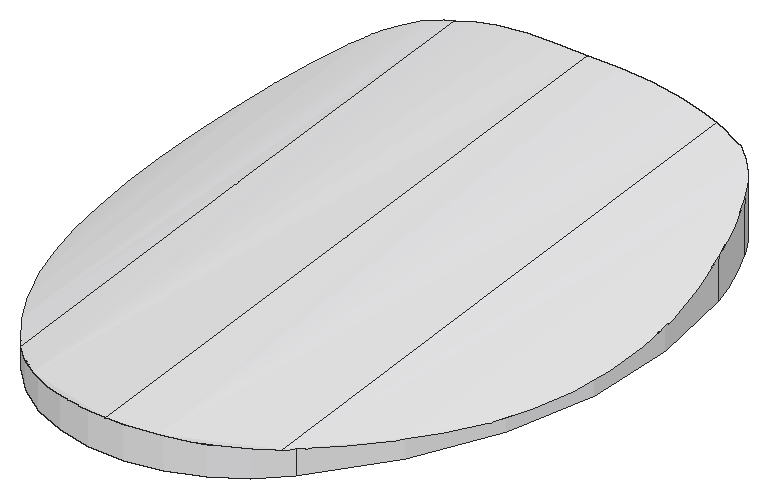
Revit family "Toilet_Seat-Elongated_Closed_Front-KOHLER-PureWarmth_Quiet-Close-K-10349_1", category Specialty Equipment, host Face, Revit 2017
Family settings
  Host = Face
  Round Connector Dimension = Use Diameter
  Part Type = Normal
  OmniClass Number = 23.31.25.00
  OmniClass Title = Toilet and Bath Specialties
  Cut with Voids When Loaded = No
  Shared = No
  Room Calculation Point = No
Parameters (values of type "0-White")
  Width = 14 7/8"  # constant formula
  WaterSense Certified = 1 = 0  # no
  Voltage = 120 V  # constant formula
  URL = "https://www.us.kohler.com/us/"
  Type = 1
  Seat Mounting Holes = 5 1/2"  # constant formula
  Product Page URL = "http://www.us.kohler.com/us/catalog/productDetails.jsp?productId=10349"
  Product Name = "PureWarmth Quiet-Close"  # constant formula
  Product Documentation Link = "https://www.us.kohler.com/webassets/kpna/catalog/pdf/en/K-10349_spec_US-CA_Kohler_en.pdf"
  Model = if(Type = 1, "K-10349-0", if(Type = 2, "K-10349-96", "NA"))  # "K-10349-0"
  Material = "Plastic"  # constant formula
  Master Format 2014 Name = "Toilet, Bath, and Laundry Accessories"  # constant formula
  Master Format 2014 = "10 28 00"  # constant formula
  Manufacturer Address = "444 Highland Dr, Kohler, WI 53044"  # constant formula
  Manufacturer = "KOHLER Co."  # constant formula
  Length = 18 3/4"  # constant formula
  Height = 1 3/16"  # constant formula
  Finish = Kohler-Plastic-0-White
  Environmental Product Declaration = ""
  Electrical Note = "One Dedicated Circuit Required, Protected With Class A Ground-Fault Circuit-Interrupter (GFCI). Outside North America,\r\nThis Device May Be Known As a Residual Current Device (RCD)."  # constant formula
  Electrical Connector = 1 = 1  # yes
  Description = "Heated elongated toilet seat with LED nightlight"  # constant formula
  Default Elevation = 0"
  Declare Label = ""
  Date Modified = "08/07/2020"  # constant formula
  Date Created = "08/07/2020"  # constant formula
  Copyright = "Copyright KOHLER Co."  # constant formula
  Contact Us = "https://www.us.kohler.com/us/static/contact.jsp"
  Assembly Code = "C1030200"
  Apparent Load = 120 V * 0.6 A  # 72 VA
  ADA Compliant = 1 = 0  # no
Types (3): name | Type | Model | Finish
  (no name) | 1 | "K-10349-0" | Kohler-Plastic-0-White
  0-White | 1 | "K-10349-0" | Kohler-Plastic-0-White
  96-Biscuit | 2 | "K-10349-96" | Kohler-Plastic-96-Biscuit
Reference planes (in)
  plane 1 "Center (Front/Back)": y = 0
  plane 2: z = 0
  plane 3 "Center (Left/Right)": x = 0
  plane 4: x = -7.4375
  plane 5: x = 7.4375
  plane 6: y = 10.2824092
  plane 7: y = 9.0702964
  plane 8: y = 8.7577964
  plane 9: y = -9.6797036
  plane 10: x = -2.75
  plane 11: x = 2.75
  plane 12: x = -4
  plane 13: x = 4
  plane 14: y = 5.2577964
  plane 15: y = -6.5547036
  plane 16: z = 3.0292569
  plane 17: z = 1.1875
  plane 18: z = 0.2102631
  plane 19: x = -0.44
  plane 20: y = 8.5388482
Dimensions and locks (in)
  "Seat Mounting Holes": plane 10 to plane 11
  plane 15 to plane 14 = 11 13/16"
  plane 8 to plane 9 = 18 7/16"
  "Length": plane 7 to plane 9
  plane 12 to plane 13 = 8"
  "Width": plane 4 to plane 5
  "Height": plane 17 to level
  aligned and locked: plane 2 to host face
  aligned and locked: level to host face
  aligned and locked: plane 3 "Center (Left/Right)" to nested 1
  aligned and locked: plane 1 "Center (Front/Back)" to nested 1
Automatic sketch dimensions
  host sketch curve to host sketch curve = 96"  (x2)
Nested families (in)
  nested 1: "K-10349" at (0, 0, 0), type "K-10349"
  nested 2: "Light_Point_Source" at (0, 8.5324092, 1.25), type "Light_Point_Source"
Connectors (in)
  electrical at (-0.44, 8.5388482, 1.3633071), driven by "Voltage", driven by "Apparent Load", driven by "Electrical Connector", driven by "Electrical Note"
    settings: on nested 1, index 1, voltage 120 V, apparent load 72 VA, apparent load phase1 0 VA, apparent load phase2 0 VA, apparent load phase3 0 VA, power factor 1, load classification "Power", number of poles 1, system type 30, power factor state 1, is connector primary yes, connector utility yes, sub classification motor no, connector description "One Dedicated Circuit Required, Protected With Class A Ground-Fault Circuit-Interrupter (GFCI). Outside North America,\r\nThis Device May Be Known As a Residual Current Device (RCD)."
Definition of nested family "K-10349"
  Parameters (values of type "K-10349")
    Material = none
  Reference planes (in)
    plane 1 "Center (Front/Back)": y = 0
    plane 2: z = 0
    plane 3 "Center (Left/Right)": x = 0
    plane 4: x = -7.4375
    plane 5: x = 7.4375
    plane 6: y = -9.6797036
    plane 7: y = 9.0702964
    plane 8: y = 8.7577964
    plane 9: x = -2.75
    plane 10: x = 2.75
    plane 11: x = -4
    plane 12: x = 4
    plane 13: z = 1.1875
    plane 14: y = 5.2577964
    plane 15: y = -6.5547036
    plane 16: y = 10.2824092
    plane 17: z = 3.0292569
    plane 18: x = -0.44
    plane 19: y = 8.5388482
    plane 20: y = 8.1589213
  Forms (in)
    Extrusion 1, solid, material <- "Material", detail levels medium+fine
      sketch origin (0, 0, 0) x (1, 0, 0) y (0, 1, 0)
        loop
          line (-9.3682758, -10.2564035) -> (9.3682758, -10.2564035) -> (9.3682758, 9.0702964) -> (-9.3682758, 9.0702964) -> (-9.3682758, -10.2564035)
      from 0 to 3.8403093
    Sweep 2, void
      path origin (0, 0, 0) x (0, 1, 0) y (0, 0, 1)
        loop
          arc (9.8989181, 3.1489409) -> (-0.5564952, 2.1197513) -> (-11.0077477, 1.0491348) r 2650.9953565
      profile origin (0, 9.8989181, 3.1489409) x (0, 0.09599, -0.995382) y (1, 0, 0)
        loop
          arc (0.4042582, 4) -> (1.3636039, 6.9731217) -> (2.9523132, 9.6630658) r 14.1418428
          line (2.9523132, 9.6630658) -> (-3.1108469, 9.6630658) -> (-3.1108469, -9.6630658) -> (2.9523132, -9.6630658)
          arc (2.9523132, -9.6630658) -> (1.3636039, -6.9731217) -> (0.4042582, -4) r 14.1418428
          arc (0.4042582, -4) -> (0.1013213, -2.0101881) -> (0, 0) r 19.9914635
          arc (0, 0) -> (0.1013213, 2.0101881) -> (0.4042582, 4) r 19.9914635
    Sweep 3, void
      path origin (0, 0, 0) x (1, 0, 0) y (0, 1, 0)
        loop
          arc (-6.0323668, 7.1600985) -> (-6.4281249, 6.2195468) -> (-6.760408, 5.2547413) r 15.3237291
          arc (-6.760408, 5.2547413) -> (-7.1110553, -1.5413255) -> (-4.1995126, -7.69213) r 13.9260114
          arc (-4.1995126, -7.69213) -> (0, -9.6739462) -> (4.1995126, -7.69213) r 5.4403385
          arc (4.1995126, -7.69213) -> (7.1110553, -1.5413255) -> (6.760408, 5.2547413) r 13.9260114
          arc (6.760408, 5.2547413) -> (6.4281249, 6.2195468) -> (6.0323668, 7.1600985) r 15.3237291
          arc (6.0323668, 7.1600985) -> (5.2087083, 8.2038506) -> (4, 8.7577964) r 2.8374483
          arc (4, 8.7577964) -> (0, 9.1454798) -> (-4, 8.7577964) r 20.8292346
          arc (-4, 8.7577964) -> (-5.2087083, 8.2038506) -> (-6.0323668, 7.1600985) r 2.8374483
      profile origin (-4, 8.7577964, 0) x (0.192038, -0.981388, 0) y (0, 0, 1)
        loop
          line (0, 3.3083597) -> (-5, 3.3083597) -> (-5, -1.4416403) -> (0, -1.4416403) -> (0, 3.3083597)
    Extrusion 4, void
      sketch origin (0, 0, 0) x (0, 1, 0) y (0, 0, 1)
        loop
          line (-10.0589437, 0.2102631) -> (-10.0589437, -0.2323485) -> (9.6910563, -0.2323485) -> (9.1376234, 3.2244052) -> (8.6708332, 3.0452212)
          arc (8.6708332, 3.0452212) -> (8.7570495, 2.9559397) -> (8.7548822, 2.831844) r 0.1621636
          arc (8.7548822, 2.831844) -> (8.6424001, 2.6397962) -> (8.4875958, 2.4798894) r 0.9320935
          arc (8.4875958, 2.4798894) -> (8.4352124, 2.4133124) -> (8.4165422, 2.3306811) r 0.192191
          line (8.4165422, 2.3306811) -> (8.4165422, 2.1040879)
          arc (8.4165422, 2.1040879) -> (8.4228069, 2.0800242) -> (8.4400106, 2.0620702) r 0.0493483
          arc (8.4400106, 2.0620702) -> (8.5399754, 1.9460963) -> (8.5547572, 1.7937008) r 0.2530462
          arc (8.5547572, 1.7937008) -> (8.1958823, 1.0506973) -> (7.5351476, 0.5564555) r 1.7406052
          arc (7.5351476, 0.5564555) -> (6.7051105, 0.2976954) -> (5.8400822, 0.2102631) r 4.3228798
          line (5.8400822, 0.2102631) -> (-10.0589437, 0.2102631)
      from -9.0199186 to 9.4338732
    Sweep 5, solid, material <- "Material", detail levels medium+fine
      path origin (0, 0, 0) x (1, 0, 0) y (0, 1, 0)
        loop
          arc (1.5242094, 4.5887376) -> (0.7736846, 4.7882711) -> (0, 4.8554527) r 4.4885933
          arc (0, 4.8554527) -> (-0.7736846, 4.7882711) -> (-1.5242094, 4.5887376) r 4.4885933
          arc (-1.5242094, 4.5887376) -> (-2.4934609, 3.9676127) -> (-3.099115, 2.9886195) r 2.5976563
          arc (-3.099115, 2.9886195) -> (-3.5338431, -1.0821346) -> (-2.1608802, -4.9389468) r 9.2072526
          arc (-2.1608802, -4.9389468) -> (0, -6.1259135) -> (2.1608802, -4.9389468) r 2.5604311
          arc (2.1608802, -4.9389468) -> (3.5338431, -1.0821346) -> (3.099115, 2.9886195) r 9.2072526
          arc (3.099115, 2.9886195) -> (2.4934609, 3.9676127) -> (1.5242094, 4.5887376) r 2.5976563
      profile origin (0, 4.8554527, 0) x (0, -1, 0) y (0, 0, 1)
        loop
          arc (-0.4186558, 0.2143767) -> (-0.3448848, 0.1601786) -> (-0.2798479, 0.0957597) r 0.6232797
          arc (-0.2798479, 0.0957597) -> (-0.2514337, 0.0692264) -> (-0.2181953, 0.0490622) r 0.1891593
          arc (-0.2181953, 0.0490622) -> (-0.1118216, 0.0124168) -> (0, 0) r 0.5097228
          arc (0, 0) -> (0.1118216, 0.0124168) -> (0.2181953, 0.0490622) r 0.5097228
          arc (0.2181953, 0.0490622) -> (0.2514337, 0.0692264) -> (0.2798479, 0.0957597) r 0.1891593
          arc (0.2798479, 0.0957597) -> (0.3448848, 0.1601786) -> (0.4186558, 0.2143767) r 0.6232797
          line (0.4186558, 0.2143767) -> (-0.4186558, 0.2143767)
    Extrusion 6, solid, material <- "Material", detail levels medium+fine
      sketch origin (0, 0, 0) x (1, 0, 0) y (0, 1, 0)
        loop
          line (-6.0414591, 3.2288986) -> (-5.3382913, 3.0389109)
          arc (-5.3382913, 3.0389109) -> (-4.8889192, 3.2971056) -> (-5.1471127, 3.7464784) r 0.36647
          line (-5.1471127, 3.7464784) -> (-5.8502795, 3.93647)
          arc (-5.8502795, 3.93647) -> (-6.299656, 3.6782744) -> (-6.0414591, 3.2288986) r 0.366472
        loop
          arc (6.0414591, 3.2288986) -> (6.299656, 3.6782744) -> (5.8502795, 3.93647) r 0.366472
          line (5.8502795, 3.93647) -> (5.1471127, 3.7464784)
          arc (5.1471127, 3.7464784) -> (4.8889192, 3.2971056) -> (5.3382913, 3.0389109) r 0.36647
          line (5.3382913, 3.0389109) -> (6.0414591, 3.2288986)
        loop
          arc (3.7061271, -5.2758515) -> (3.2785111, -5.3635343) -> (3.366194, -5.7911504) r 0.3086614
          line (3.366194, -5.7911504) -> (3.9741678, -6.1922194)
          arc (3.9741678, -6.1922194) -> (4.4017838, -6.1045366) -> (4.3141009, -5.6769205) r 0.3086614
          line (4.3141009, -5.6769205) -> (3.7061271, -5.2758515)
        loop
          line (-3.7347439, -5.2324717) -> (-4.3427178, -5.6335408)
          arc (-4.3427178, -5.6335408) -> (-4.4377821, -6.0971551) -> (-3.9741678, -6.1922195) r 0.3346457
          line (-3.9741678, -6.1922195) -> (-3.3661939, -5.7911503)
          arc (-3.3661939, -5.7911503) -> (-3.2711296, -5.327536) -> (-3.7347439, -5.2324717) r 0.3346457
      from 0 to 0.5002877
    Extrusion 7, solid, material <- "Material", detail levels medium+fine
      sketch origin (0, 0, 0) x (0, 1, 0) y (0, 0, 1)
        loop
          arc (7.4288213, 0.0378046) -> (7.4390514, 0.0111541) -> (7.4653287, 0) r 0.0365297
          line (7.4653287, 0) -> (10.2475031, 0)
          arc (10.2475031, 0) -> (10.2768787, 0.0121677) -> (10.2890464, 0.0415433) r 0.0415433
          line (10.2890464, 0.0415433) -> (10.2890464, 0.4745131)
          arc (10.2890464, 0.4745131) -> (10.2712734, 0.5427762) -> (10.2224675, 0.5937047) r 0.1399797
          arc (10.2224675, 0.5937047) -> (9.8999666, 0.7525044) -> (9.5533886, 0.8479395) r 1.9063882
          arc (9.5533886, 0.8479395) -> (9.1507901, 0.9115493) -> (8.7462044, 0.9609681) r 11.5937237
          arc (8.7462044, 0.9609681) -> (8.5983344, 1.0362063) -> (8.5388482, 1.1910859) r 0.2313671
          line (8.5388482, 1.1910859) -> (8.5388482, 1.7259535)
          arc (8.5388482, 1.7259535) -> (8.0284877, 2.2511811) -> (7.4888257, 1.7561085) r 0.5254442
          line (7.4888257, 1.7561085) -> (7.4288213, 0.0378046)
      from -3.5983459 to 3.5231555
    Extrusion 8, void
      sketch origin (0, 0, 0) x (1, 0, 0) y (0, 0, 1)
        loop
          arc (2.1104339, 2.6893799) -> (1.0562983, 2.7610424) -> (0, 2.7849462) r 23.3506124
          arc (0, 2.7849462) -> (-1.0562983, 2.7610424) -> (-2.1104339, 2.6893799) r 23.3506124
          arc (-2.1104339, 2.6893799) -> (-2.9880755, 2.5850758) -> (-3.8585685, 2.4321831) r 15.9052898
          arc (-3.8585685, 2.4321831) -> (-3.9851769, 2.3806332) -> (-4.0845742, 2.2867861) r 0.3715562
          line (-4.0845742, 2.2867861) -> (4.0845742, 2.2867861)
          arc (4.0845742, 2.2867861) -> (3.9851769, 2.3806332) -> (3.8585685, 2.4321831) r 0.3715562
          arc (3.8585685, 2.4321831) -> (2.9880755, 2.5850758) -> (2.1104339, 2.6893799) r 15.9052898
      from -9.1056847 to -8.0051181
    Extrusion 9, void
      sketch origin (0, 0, 0) x (1, 0, 0) y (0, 1, 0)
        loop
          arc (4.068411, 7.4767315) -> (4.1022776, 7.367159) -> (4.1920645, 7.295805) r 0.1941903
          arc (4.1920645, 7.295805) -> (5.1826307, 6.6804067) -> (5.8851776, 5.7496196) r 3.1840232
          arc (5.8851776, 5.7496196) -> (6.5603527, 4.0691951) -> (6.9579643, 2.3023921) r 11.2822869
          arc (6.9579643, 2.3023921) -> (7.051504, 1.3231442) -> (7.0551163, 0.3394455) r 10.747474
          arc (7.0551163, 0.3394455) -> (6.9458582, -0.757703) -> (6.7121862, -1.8352325) r 9.6519209
          arc (6.7121862, -1.8352325) -> (6.1199389, -3.5927396) -> (5.3405896, -5.2756546) r 17.0764593
          arc (5.3405896, -5.2756546) -> (4.5830421, -6.4873445) -> (3.6622434, -7.5801392) r 10.1113686
          arc (3.6622434, -7.5801392) -> (0, -9.1282656) -> (-3.6622434, -7.5801392) r 5.1057596
          arc (-3.6622434, -7.5801392) -> (-4.5830421, -6.4873445) -> (-5.3405896, -5.2756546) r 10.1113686
          arc (-5.3405896, -5.2756546) -> (-6.1199389, -3.5927396) -> (-6.7121862, -1.8352325) r 17.0764593
          arc (-6.7121862, -1.8352325) -> (-6.9458582, -0.757703) -> (-7.0551163, 0.3394455) r 9.6519209
          arc (-7.0551163, 0.3394455) -> (-7.051504, 1.3231442) -> (-6.9579643, 2.3023921) r 10.747474
          arc (-6.9579643, 2.3023921) -> (-6.5603527, 4.0691951) -> (-5.8851776, 5.7496196) r 11.2822869
          arc (-5.8851776, 5.7496196) -> (-5.1826307, 6.6804067) -> (-4.1920645, 7.295805) r 3.1840232
          arc (-4.1920645, 7.295805) -> (-4.1022776, 7.367159) -> (-4.068411, 7.4767315) r 0.1941903
          line (-4.068411, 7.4767315) -> (-4.068411, 8.1353914)
          arc (-4.068411, 8.1353914) -> (-4.1889546, 8.3492629) -> (-4.4343392, 8.3568878) r 0.25
          arc (-4.4343392, 8.3568878) -> (-5.4898541, 7.5265271) -> (-6.1750784, 6.3715041) r 3.6624218
          arc (-6.1750784, 6.3715041) -> (-6.4486964, 5.5842447) -> (-6.6960969, 4.788357) r 25.1675363
          arc (-6.6960969, 4.788357) -> (-7.1387152, 2.4763885) -> (-7.1336112, 0.1224379) r 12.322163
          arc (-7.1336112, 0.1224379) -> (-6.0691392, -4.0528422) -> (-3.8051384, -7.7189525) r 14.2473887
          arc (-3.8051384, -7.7189525) -> (0, -9.3274843) -> (3.8051384, -7.7189525) r 5.3049784
          arc (3.8051384, -7.7189525) -> (6.0691392, -4.0528422) -> (7.1336112, 0.1224379) r 14.2473887
          arc (7.1336112, 0.1224379) -> (7.1387152, 2.4763885) -> (6.6960969, 4.788357) r 12.322163
          arc (6.6960969, 4.788357) -> (6.4486964, 5.5842447) -> (6.1750784, 6.3715041) r 25.1675363
          arc (6.1750784, 6.3715041) -> (5.4898541, 7.5265271) -> (4.4343392, 8.3568878) r 3.6624218
          arc (4.4343392, 8.3568878) -> (4.1889546, 8.3492629) -> (4.068411, 8.1353914) r 0.25
          line (4.068411, 8.1353914) -> (4.068411, 7.4767315)
      from 0 to 0.5708661
    Extrusion 10, solid, material <- "Material", detail levels medium+fine
      sketch origin (0, 0, 0) x (1, 0, 0) y (0, 0, 1)
        loop
          line (0.44, 1.6933071) -> (-0.44, 1.6933071)
          arc (-0.44, 1.6933071) -> (-0.77, 1.3633071) -> (-0.44, 1.0333071) r 0.33
          line (-0.44, 1.0333071) -> (0.44, 1.0333071)
          arc (0.44, 1.0333071) -> (0.77, 1.3633071) -> (0.44, 1.6933071) r 0.33
        loop
          circle (-0.44, 1.3633071) r 0.25
        loop
          circle (0.44, 1.3633071) r 0.25
      from -8.5388482 to -8.1589213
    Extrusion 11, solid, material <- "Material", detail levels coarse
      sketch origin (0, 0, 0) x (0, 1, 0) y (0, 0, 1)
        loop
          arc (8.7577964, 3.039743) -> (-1.2450017, 2.0592222) -> (-11.2422036, 1.0231979) r 1810.8408646
          line (-11.2422036, 1.0231979) -> (-11.2422036, 0) -> (8.7577964, 0) -> (8.7577964, 3.039743)
      from -8.7062722 to 8.514831
    Extrusion 12, void
      sketch origin (0, 0, 0) x (1, 0, 0) y (0, 1, 0)
        loop
          arc (-6.0323668, 7.1600985) -> (-6.4281249, 6.2195468) -> (-6.760408, 5.2547413) r 15.3237291
          arc (-6.760408, 5.2547413) -> (-7.2301873, 3.2745586) -> (-7.4375, 1.25) r 15.5595309
          arc (-7.4375, 1.25) -> (-6.1729564, -4.5578058) -> (-2.2699782, -9.0407109) r 11.9664038
          arc (-2.2699782, -9.0407109) -> (0, -9.7472023) -> (2.2699782, -9.0407109) r 4
          arc (2.2699782, -9.0407109) -> (6.1729564, -4.5578058) -> (7.4375, 1.25) r 11.9664038
          arc (7.4375, 1.25) -> (7.2301873, 3.2745586) -> (6.760408, 5.2547413) r 15.5595309
          arc (6.760408, 5.2547413) -> (6.4281249, 6.2195468) -> (6.0323668, 7.1600985) r 15.3237291
          arc (6.0323668, 7.1600985) -> (5.3488647, 8.0861623) -> (4.3537538, 8.6645424) r 2.8374483
          arc (4.3537538, 8.6645424) -> (4.1249445, 8.7255147) -> (3.8903614, 8.7577964) r 1.9159369
          line (3.8903614, 8.7577964) -> (-3.6035497, 8.7577964)
          arc (-3.6035497, 8.7577964) -> (-3.9832968, 8.748538) -> (-4.3537538, 8.6645424) r 1.9159369
          arc (-4.3537538, 8.6645424) -> (-5.3488647, 8.0861623) -> (-6.0323668, 7.1600985) r 2.8374483
        loop
          line (11, 11.8916997) -> (-11, 11.8916997) -> (-11, -13.1083003) -> (11, -13.1083003) -> (11, 11.8916997)
      from -0.8610434 to 3.9460571
    Extrusion 13, solid, material <- "Material", detail levels coarse
      sketch origin (0, 0, 0) x (0, 1, 0) y (0, 0, 1)
        loop
          line (8.3827964, 1.1875) -> (8.3827964, 0) -> (10.2824092, 0) -> (10.2824092, 1.1875) -> (8.3827964, 1.1875)
      from -3.5983459 to 3.5983459
  Cuts and joins
    Sweep 2, Sweep 3, Extrusion 4, Extrusion 8, Extrusion 9 cuts Extrusion 1
    Extrusion 8, Extrusion 9 cuts Extrusion 6
    joined: Extrusion 1, Extrusion 6
    Extrusion 12 cuts Extrusion 11
  Lines and regions (in)
    Masking region 1
      outline origin (0, 0, 0) x (0, 1, 0) y (0, 0, 1)
        loop
          arc (8.7402416, 2.7998401) -> (8.7572154, 2.9002248) -> (8.7252636, 2.9968906) r 0.2112468
          arc (8.7252636, 2.9968906) -> (8.6945111, 3.0230363) -> (8.6547388, 3.0299265) r 0.0766254
          arc (8.6547388, 3.0299265) -> (-0.4838856, 2.135801) -> (-9.6178587, 1.1953478) r 1810.8408646
          arc (-9.6178587, 1.1953478) -> (-9.6643149, 1.1701053) -> (-9.6793259, 1.1194098) r 0.0690969
          line (-9.6793259, 1.1194098) -> (-9.5944887, 0.3122374)
          arc (-9.5944887, 0.3122374) -> (-9.5574338, 0.2395132) -> (-9.4812347, 0.2102631) r 0.1138778
          line (-9.4812347, 0.2102631) -> (-6.5547036, 0.2102631)
          arc (-6.5547036, 0.2102631) -> (-6.4811125, 0.1531151) -> (-6.4134687, 0.0890381) r 0.9507464
          arc (-6.4134687, 0.0890381) -> (-6.3895423, 0.0677864) -> (-6.3624986, 0.0506765) r 0.1975558
          arc (-6.3624986, 0.0506765) -> (-6.262704, 0.0128557) -> (-6.15676, 0) r 0.442971
          line (-6.15676, 0) -> (4.8567977, 0)
          arc (4.8567977, 0) -> (4.9627416, 0.0128557) -> (5.0625363, 0.0506765) r 0.442971
          arc (5.0625363, 0.0506765) -> (5.08958, 0.0677864) -> (5.1135064, 0.0890381) r 0.1975558
          arc (5.1135064, 0.0890381) -> (5.1811502, 0.1531151) -> (5.2547413, 0.2102631) r 0.9507464
          line (5.2547413, 0.2102631) -> (5.8400822, 0.2102631)
          arc (5.8400822, 0.2102631) -> (6.6576149, 0.2882719) -> (7.4456418, 0.5194827) r 4.3228798
          line (7.4456418, 0.5194827) -> (7.4287645, 0.0361796)
          arc (7.4287645, 0.0361796) -> (7.438555, 0.0106746) -> (7.4637028, 0) r 0.0349596
          line (7.4637028, 0) -> (10.2537494, 0)
          arc (10.2537494, 0) -> (10.2740149, 0.0083943) -> (10.2824092, 0.0286598) r 0.0286598
          line (10.2824092, 0.0286598) -> (10.2824092, 0.4986063)
          arc (10.2824092, 0.4986063) -> (10.2693672, 0.5490507) -> (10.2335098, 0.5868526) r 0.1040767
          arc (10.2335098, 0.5868526) -> (9.9060367, 0.750186) -> (9.5533886, 0.8479395) r 1.9063882
          arc (9.5533886, 0.8479395) -> (9.1507901, 0.9115493) -> (8.7462044, 0.9609681) r 11.5937237
          arc (8.7462044, 0.9609681) -> (8.5983344, 1.0362063) -> (8.5388482, 1.1910859) r 0.2313671
          line (8.5388482, 1.1910859) -> (8.5388482, 1.7259535)
          arc (8.5388482, 1.7259535) -> (8.5471413, 1.7597476) -> (8.5547572, 1.7937008) r 1.7406052
          arc (8.5547572, 1.7937008) -> (8.5385474, 1.9493719) -> (8.4338735, 2.0657317) r 0.2530462
          spline (8.4338735, 2.0657317) -> (8.4318814, 2.0673501) -> (8.4299538, 2.0692782) -> (8.4281026, 2.0715041) -> (8.426339, 2.0740141) -> (8.4246739, 2.0767928) -> (8.4231175, 2.0798233) -> (8.4216793, 2.083087) -> (8.4203681, 2.0865637) -> (8.4191921, 2.0902323) -> (8.4181583, 2.0940702) -> (8.4172732, 2.0980539) -> (8.4165422, 2.1021589)
          line (8.4165422, 2.1021589) -> (8.4165422, 2.3306811)
          arc (8.4165422, 2.3306811) -> (8.4352124, 2.4133124) -> (8.4875958, 2.4798894) r 0.192191
          arc (8.4875958, 2.4798894) -> (8.6316253, 2.6258829) -> (8.7402416, 2.7998401) r 0.9320935
    Masking region 2
      outline origin (0, 0, 0) x (1, 0, 0) y (0, 1, 0)
        loop
          line (-3.5983459, 9.7990772) -> (-3.5983459, 8.7899899)
          arc (-3.5983459, 8.7899899) -> (-3.6273214, 8.7119462) -> (-3.7002071, 8.6717208) r 0.1195906
          line (-3.7002071, 8.6717208) -> (-4, 8.6267798)
          spline (-4, 8.6267798) -> (-4.0264464, 8.6222386) -> (-4.0528501, 8.6175085) -> (-4.0792095, 8.6125899) -> (-4.1055235, 8.6074829) -> (-4.1317905, 8.6021878) -> (-4.1580092, 8.596705) -> (-4.1841783, 8.5910346) -> (-4.2102964, 8.585177) -> (-4.2363621, 8.5791325) -> (-4.2623742, 8.5729014) -> (-4.2883312, 8.5664841) -> (-4.3142319, 8.5598807)
          line (-4.3142319, 8.5598807) -> (-4.6212883, 8.5598807)
          arc (-4.6212883, 8.5598807) -> (-5.4534024, 7.9875859) -> (-6.0323668, 7.1600985) r 2.8374483
          arc (-6.0323668, 7.1600985) -> (-6.4281249, 6.2195468) -> (-6.760408, 5.2547413) r 15.3237291
          arc (-6.760408, 5.2547413) -> (-7.2301873, 3.2745586) -> (-7.4375, 1.25) r 15.5595309
          arc (-7.4375, 1.25) -> (-7.1149642, -1.9809997) -> (-5.9356842, -5.0063404) r 11.9664038
          arc (-5.9356842, -5.0063404) -> (-4.7921017, -6.9120722) -> (-3.2997241, -8.5590098) r 11.3732119
          arc (-3.2997241, -8.5590098) -> (-1.7424217, -9.3918855) -> (0, -9.6797036) r 5.4181321
          arc (0, -9.6797036) -> (1.7424217, -9.3918855) -> (3.2997241, -8.5590098) r 5.4181321
          arc (3.2997241, -8.5590098) -> (4.7921017, -6.9120722) -> (5.9356842, -5.0063404) r 11.3732119
          arc (5.9356842, -5.0063404) -> (7.1149642, -1.9809997) -> (7.4375, 1.25) r 11.9664038
          arc (7.4375, 1.25) -> (7.2301873, 3.2745586) -> (6.760408, 5.2547413) r 15.5595309
          arc (6.760408, 5.2547413) -> (6.4281249, 6.2195468) -> (6.0323668, 7.1600985) r 15.3237291
          arc (6.0323668, 7.1600985) -> (5.4534024, 7.9875859) -> (4.6212883, 8.5598807) r 2.8374483
          line (4.6212883, 8.5598807) -> (4.3142319, 8.5598807)
          spline (4.3142319, 8.5598807) -> (4.2883312, 8.5664841) -> (4.2623742, 8.5729014) -> (4.2363621, 8.5791325) -> (4.2102964, 8.585177) -> (4.1841783, 8.5910346) -> (4.1580092, 8.596705) -> (4.1317905, 8.6021878) -> (4.1055235, 8.6074829) -> (4.0792095, 8.6125899) -> (4.0528501, 8.6175085) -> (4.0264464, 8.6222386) -> (4, 8.6267798)
          line (4, 8.6267798) -> (3.7002071, 8.6717208)
          arc (3.7002071, 8.6717208) -> (3.6273214, 8.7119462) -> (3.5983459, 8.7899899) r 0.1195906
          line (3.5983459, 8.7899899) -> (3.5983459, 9.7990772)
          arc (3.5983459, 9.7990772) -> (3.5168934, 10.0108216) -> (3.3145328, 10.1133906) r 0.3159523
          arc (3.3145328, 10.1133906) -> (1.6594197, 10.2401271) -> (0, 10.2824092) r 32.5842613
          arc (0, 10.2824092) -> (-1.6594197, 10.2401271) -> (-3.3145328, 10.1133906) r 32.5842613
          arc (-3.3145328, 10.1133906) -> (-3.5168934, 10.0108216) -> (-3.5983459, 9.7990772) r 0.3159523
    Masking region 3
      outline origin (0, 0, 0) x (1, 0, 0) y (0, 0, 1)
        loop
          arc (-1.306998, 2.9885457) -> (-2.287008, 2.902014) -> (-3.2612531, 2.7650687) r 19.0749982
          arc (-3.2612531, 2.7650687) -> (-4.2437593, 2.560724) -> (-5.2070084, 2.2792521) r 12.6684169
          arc (-5.2070084, 2.2792521) -> (-6.3032979, 1.8216999) -> (-7.3232246, 1.2126397) r 8.3176322
          arc (-7.3232246, 1.2126397) -> (-7.4072166, 1.1170192) -> (-7.4375, 0.9934035) r 0.2674388
          line (-7.4375, 0.9934035) -> (-7.4375, 0.2426553)
          arc (-7.4375, 0.2426553) -> (-7.4280126, 0.2197506) -> (-7.4051078, 0.2102631) r 0.0323922
          line (-7.4051078, 0.2102631) -> (-6.3569699, 0.2102631)
          arc (-6.3569699, 0.2102631) -> (-6.3203609, 0.1950992) -> (-6.305197, 0.1584902) r 0.0517729
          line (-6.305197, 0.1584902) -> (-6.305197, 0.0602842)
          arc (-6.305197, 0.0602842) -> (-6.2875401, 0.0176568) -> (-6.2449128, 0) r 0.0602842
          line (-6.2449128, 0) -> (-4.9299142, 0)
          arc (-4.9299142, 0) -> (-4.8884821, 0.0171617) -> (-4.8713204, 0.0585938) r 0.0585938
          line (-4.8713204, 0.0585938) -> (-4.8713204, 0.1614504)
          arc (-4.8713204, 0.1614504) -> (-4.8570235, 0.1959662) -> (-4.8225077, 0.2102631) r 0.0488127
          line (-4.8225077, 0.2102631) -> (-4.5490085, 0.2102631)
          arc (-4.5490085, 0.2102631) -> (-4.5148733, 0.1961238) -> (-4.500734, 0.1619886) r 0.0482746
          line (-4.500734, 0.1619886) -> (-4.500734, 0.0585938)
          arc (-4.500734, 0.0585938) -> (-4.4835722, 0.0171617) -> (-4.4421402, 0) r 0.0585938
          line (-4.4421402, 0) -> (4.4421402, 0)
          arc (4.4421402, 0) -> (4.4835722, 0.0171617) -> (4.500734, 0.0585938) r 0.0585938
          line (4.500734, 0.0585938) -> (4.500734, 0.1619886)
          arc (4.500734, 0.1619886) -> (4.5148733, 0.1961238) -> (4.5490085, 0.2102631) r 0.0482746
          line (4.5490085, 0.2102631) -> (4.8225077, 0.2102631)
          arc (4.8225077, 0.2102631) -> (4.8570235, 0.1959662) -> (4.8713204, 0.1614504) r 0.0488127
          line (4.8713204, 0.1614504) -> (4.8713204, 0.0585938)
          arc (4.8713204, 0.0585938) -> (4.8884821, 0.0171617) -> (4.9299142, 0) r 0.0585938
          line (4.9299142, 0) -> (6.2449128, 0)
          arc (6.2449128, 0) -> (6.2875401, 0.0176568) -> (6.305197, 0.0602842) r 0.0602842
          line (6.305197, 0.0602842) -> (6.305197, 0.1584902)
          arc (6.305197, 0.1584902) -> (6.3203609, 0.1950992) -> (6.3569699, 0.2102631) r 0.0517729
          line (6.3569699, 0.2102631) -> (7.4051078, 0.2102631)
          arc (7.4051078, 0.2102631) -> (7.4280126, 0.2197506) -> (7.4375, 0.2426553) r 0.0323922
          line (7.4375, 0.2426553) -> (7.4375, 0.9934035)
          arc (7.4375, 0.9934035) -> (7.4072166, 1.1170192) -> (7.3232246, 1.2126397) r 0.2674388
          arc (7.3232246, 1.2126397) -> (6.3032979, 1.8216999) -> (5.2070084, 2.2792521) r 8.3176322
          arc (5.2070084, 2.2792521) -> (4.2437593, 2.560724) -> (3.2612531, 2.7650687) r 12.6684169
          arc (3.2612531, 2.7650687) -> (2.287008, 2.902014) -> (1.306998, 2.9885457) r 19.0749982
          arc (1.306998, 2.9885457) -> (0.6538159, 3.0190766) -> (0, 3.0292569) r 21.0003635
          arc (0, 3.0292569) -> (-0.6538159, 3.0190766) -> (-1.306998, 2.9885457) r 21.0003635
    symbolic lines, detail levels medium+fine
      curve 1: line (0, 5.6693221, 0.2102631) -> (0, -7.1849471, 0.2102631)
      curve 2: line (0, 3.9648693, 0.0431702) -> (0, 4.0115581, 0.1714466)
      curve 3: line (0, 3.9032158, 0) -> (0, 3.0262249, 0)
      curve 4: arc (0, 3.9032158, 0) -> (0, 3.9408483, 0.0118655) -> (0, 3.9648693, 0.0431702) r 0.0656102
      curve 5: arc (0, 4.0115581, 0.1714466) -> (0, 4.0277492, 0.1958769) -> (0, 4.0532841, 0.2102631) r 0.0626173
      curve 6: line (0, 2.9645715, 0.0431702) -> (0, 2.9178827, 0.1714466)
      curve 7: arc (0, 3.0262249, 0) -> (0, 2.9885924, 0.0118655) -> (0, 2.9645715, 0.0431702) r 0.0656102
      curve 8: arc (0, 2.9178827, 0.1714466) -> (0, 2.9016915, 0.1958769) -> (0, 2.8761567, 0.2102631) r 0.0626173
      curve 9: line (0, -4.9088132, 0.0431702) -> (0, -4.8621244, 0.1714466)
      curve 10: line (0, -4.9704666, 0) -> (0, -5.8474576, 0)
      curve 11: arc (0, -4.9704666, 0) -> (0, -4.9328342, 0.0118655) -> (0, -4.9088132, 0.0431702) r 0.0656102
      curve 12: arc (0, -4.8621244, 0.1714466) -> (0, -4.8459332, 0.1958769) -> (0, -4.8203984, 0.2102631) r 0.0626173
      curve 13: line (0, -5.909111, 0.0431702) -> (0, -5.9557998, 0.1714466)
      curve 14: arc (0, -5.8474576, 0) -> (0, -5.88509, 0.0118655) -> (0, -5.909111, 0.0431702) r 0.0656102
      curve 15: arc (0, -5.9557998, 0.1714466) -> (0, -5.9719909, 0.1958769) -> (0, -5.9975258, 0.2102631) r 0.0626173
      curve 16: line (0, -9.6433103, 1.1875) -> (0, 0, 1.1875)
      curve 17: arc (0, 0, 1.1875) -> (0, 4.3556552, 1.5838919) -> (0, 8.5681991, 2.7600437) r 24.1287193
      curve 18: arc (0, 8.5547572, 1.7937008) -> (0, 8.1774699, 1.0287259) -> (0, 7.4820451, 0.5348469) r 1.7406052
      curve 19: arc (0, 7.4820451, 0.5348469) -> (0, 7.4637306, 0.5274322) -> (0, 7.4456418, 0.5194827) r 0.6725117
      curve 20: arc (0, 8.5388482, 1.7259535) -> (0, 8.5129499, 1.9183515) -> (0, 8.4194433, 2.0884817) r 0.529464
      curve 21: arc (0, 8.5681991, 2.7600437) -> (0, 8.6837478, 2.8485822) -> (0, 8.7316613, 2.9860408) r 0.2538621
      curve 22: line (0, 9.7448394, 0.8039547) -> (0, 9.7448394, 0)
      curve 23: arc (0, 8.7577964, 0) -> (-1.8506041, 8.7362746, 0) -> (-3.7002071, 8.6717208, 0) r 79.5750585
      curve 24: arc (0, 8.7577964, 0) -> (1.8506041, 8.7362746, 0) -> (3.7002071, 8.6717208, 0) r 79.5750585
      curve 25: arc (-4.3142319, 8.5598807, 0) -> (-4.5937285, 8.4744884, 0) -> (-4.8818925, 8.425788, 0) r 2.2654214
      curve 26: arc (4.3142319, 8.5598807, 0) -> (4.5939333, 8.4754594, 0) -> (4.8818242, 8.4256728, 0) r 2.3984403
      curve 27: arc (-1.9133114, 0, 1.1348566) -> (-0.9570178, 0, 1.1743367) -> (0, 0, 1.1875) r 34.7957457
      curve 28: arc (-4, 0, 0.96328) -> (-2.957815, 0, 1.0631674) -> (-1.9133114, 0, 1.1348566) r 38.7415049
      curve 29: line (-4, 0, 0.96328) -> (-4.1995126, 0, 0.9444438)
      curve 30: arc (-4.1995126, 0, 0.9444438) -> (-5.5229147, 0, 0.7676999) -> (-6.8475399, 0, 0.6003681) r 187.8199064
      curve 31: arc (1.9133114, 0, 1.1348566) -> (0.9570178, 0, 1.1743367) -> (0, 0, 1.1875) r 34.7957457
      curve 32: arc (4, 0, 0.96328) -> (2.957815, 0, 1.0631674) -> (1.9133114, 0, 1.1348566) r 38.7415049
      curve 33: line (4, 0, 0.96328) -> (4.1995126, 0, 0.9444438)
      curve 34: arc (4.1995126, 0, 0.9444438) -> (5.5229147, 0, 0.7676999) -> (6.8475399, 0, 0.6003681) r 187.8199064
      curve 35: line (-6.3569699, 0, 0.2102631) -> (-4.8225077, 0, 0.2102631)
      curve 36: line (-4.5490085, 0, 0.2102631) -> (4.5490085, 0, 0.2102631)
      curve 37: line (4.8225077, 0, 0.2102631) -> (6.3629768, 0, 0.2102631)
      curve 38: arc (-6.8475399, 0, 0.6003681) -> (-7.2153464, 0, 0.6875708) -> (-7.4375, 0, 0.9934035) r 0.5439026
      curve 39: arc (6.8475399, 0, 0.6003681) -> (7.2153464, 0, 0.6875708) -> (7.4375, 0, 0.9934035) r 0.5439026
      curve 40: line (0, -5.2150162, 0.0431702) -> (0, -5.1683274, 0.1714466)
      curve 41: arc (0, -5.2766696, 0) -> (0, -5.2390372, 0.0118655) -> (0, -5.2150162, 0.0431702) r 0.0656102
      curve 42: arc (0, -5.1683274, 0.1714466) -> (0, -5.1521362, 0.1958769) -> (0, -5.1266014, 0.2102631) r 0.0626173
      curve 43: line (-3.2150704, 0, 0.1614504) -> (-3.2150704, 0, 0.0585938)
      curve 44: arc (-3.2736642, 0, 0) -> (-3.2322321, 0, 0.0171617) -> (-3.2150704, 0, 0.0585938) r 0.0585938
      curve 45: arc (-3.1662577, 0, 0.2102631) -> (-3.2007735, 0, 0.1959662) -> (-3.2150704, 0, 0.1614504) r 0.0488127
      curve 46: line (3.2150704, 0, 0.1614504) -> (3.2150704, 0, 0.0585938)
      curve 47: arc (3.2736642, 0, 0) -> (3.2322321, 0, 0.0171617) -> (3.2150704, 0, 0.0585938) r 0.0585938
      curve 48: arc (3.1662577, 0, 0.2102631) -> (3.2007735, 0, 0.1959662) -> (3.2150704, 0, 0.1614504) r 0.0488127
  Dimensions and locks (in)
    plane 4 to plane 5 = 14 7/8"
    plane 6 to plane 8 = 18 7/16"
    plane 7 to plane 6 = 18 3/4"
    locked: plane 9 to plane 10 at 5.5
    plane 11 to plane 12 = 8"
    plane 13 to level = 1 3/16"
    plane 14 to plane 15 = 11 13/16"
    aligned and locked: plane 2 to level
Definition of nested family "Light_Point_Source"
  Parameters (values of type "Light_Point_Source")
    Wattage Comments = "40 W"  # constant formula
    Wattage = 60 W
    built-in parameter 1150110 = 1 (stored number, unit not read)
    URL = "https://www.us.kohler.com/us/"
    Type Comments = ""
    built-in parameter 1114217 = 1 (stored number, unit not read)
    built-in parameter 1150109 = 1 (stored number, unit not read)
    built-in parameter 1150134 = (empty or 0)
    built-in parameter 1150113 = 1 (stored number, unit not read)
    Model = ""
    Manufacturer = "KOHLER Co."
    built-in parameter 1150105 = 238.73 (stored number, unit not read)
    Lumens = 3000 lm
    built-in parameter 1150115 = 1 (stored number, unit not read)
    Light Source Symbol Size = 6"  # constant formula
    built-in parameter 1150137 = (empty or 0)
    built-in parameter 1150139 = (empty or 0)
    built-in parameter 1150112 = 1 (stored number, unit not read)
    built-in parameter 1150114 = 1 (stored number, unit not read)
    Lamp = "E26 medium-base type B light bulb with the frosted shade (bulb sold separately)"  # constant formula
    Keynote = ""
    built-in parameter 1150132 = (empty or 0)
    built-in parameter 1150102 = (empty or 0)
    built-in parameter 1150107 = 3000 (stored number, unit not read)
    built-in parameter 1150138 = (empty or 0)
    built-in parameter 1150106 = 2.3873 (stored number, unit not read)
    Emit from Line Length = 8"
    built-in parameter 1150104 = 4.6452 (stored number, unit not read)
    Dimming Lamp Color Temperature Shift = 1
    Description = ""
    Cost = 0
    Color Filter = 16777215
    built-in parameter 1114218 = 1 (stored number, unit not read)
    built-in parameter 1150133 = 10 (stored number, unit not read)
    Assembly Code = "C1030200"
    Apparent Load = 40 VA  # constant formula
  Reference planes (in)
    plane 1 "Center (Front/Back)": y = 0
    plane 2: z = 0
    plane 3 "Center (Left/Right)": x = 0
  Dimensions and locks (in)
    aligned and locked: plane 2 to level
